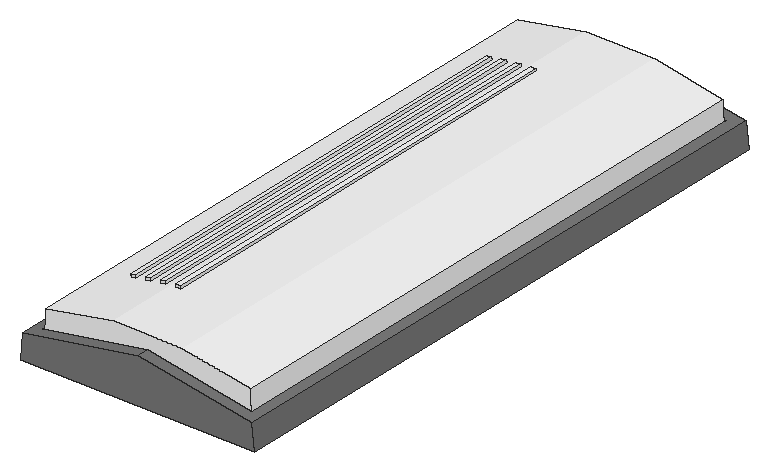
Revit family "JC KONTAKTER JCK110 DE", category Specialty Equipment, host Face, Revit 2025
Family settings
  Host = Face
  Round Connector Dimension = Use Diameter
  Part Type = Normal
  Enable Cutting in Views = Yes
  Cut with Voids When Loaded = No
  Maintain Annotation Orientation = Yes
  Shared = No
  Room Calculation Point = No
Parameters (values of type "JCK203")
  URL = "https://grossflaechentaster.de/produkt/grossflachentaster-kunststoff/grossflachentaster-jck203/"
  Technisches Produktblatt = "https://grossflaechentaster.de/wp-content/uploads/sites/3/Technisches-Produktdatenblatt-_203_DE.pdf"
  Produktgewicht = "0.230 kg."
  Nomineller nennstrom = "12 V - Resistive 6A Inductive L/R 5ms 6A, 24 V - Resistive 6A Inductive L/R 5ms 5A"
  Model = "JCK203"
  Mikroschalter = "Standard NO IP67"
  Manufacturer = "JC kontakter"
  Kern = ABS 750SW (dunkelgrau)
  Herstellungsland = "Schweden"
  Geringster nennstrom = "1mA/4 V DC"
  Description = "Dieser Großflächentaster ist aus schlagfestem ABS-Kunststoff hergestellt. Er hat eine konvexe Tastfläche mit Tastlinien, die angeben, wo der Taster gedrückt werden soll. Dieses Modell bietet durch die weiße Tastfläche und den dunkelgrauen Rahmen einen starken Farbkontrast. Vor allem für den Einsatz in Innenbereichen konzipiert, kann aber auch im Freien eingesetzt werden, da er mit einem feuchtigkeitsgeschützten Mikroschalter der IP-Klasse 67 ausgerüstet ist."
  Default Elevation = 800 mm
  Deckel = ABS 750SW (weiss)
  CE-kennzeichnung = "https://jckontakter.se/wp-content/uploads/CE_Dokument.pdf"
  Anzahl der mikroschalter = 1
Reference planes
  plane 1 "Center (Front/Back)": y = 0
  plane 2: z = 0
  plane 3 "Center (Left/Right)": x = 0
  plane 4 "A": y = -122.5
Lines and regions (mm)
  symbolic lines
    curve 1: line (-50, 0, 50) -> (50, 0, 50)
    curve 2: line (-50, 0, 0) -> (-50, 0, 50)
    curve 3: line (50, 0, 0) -> (-50, 0, 0)
    curve 4: line (50, 0, 50) -> (50, 0, 0)
    curve 5: line (-40, 122.5, 0) -> (40, 122.5, 0)
    curve 6: line (-40, -122.5, 0) -> (-40, 122.5, 0)
    curve 7: line (40, -122.5, 0) -> (-40, -122.5, 0)
    curve 8: line (40, 122.5, 0) -> (40, -122.5, 0)
Text (mm)
  text "Entfernen Sie diesen Text vor der Verwendung.\n\nPlatzierungsanweisungen:\n\n1. In das Projekt laden.\n2. Bewegen Sie den Mauszeiger über die Fläche, auf der die Familie platziert werden soll.\n3. Wenn die Familie gedreht angezeigt wird, aktivieren Sie die Option „Nach Platzierung drehen.\n4. Klicken Sie auf die gewünschte Fläche.\n5. Geben Sie den gewünschten Winkel ein.\n6. Drücken Sie die Eingabetaste." at (123.173, 1072.34, 0), in view "Ref. Level"
Dimensions and locks
  aligned and locked: plane 2 to host face
  aligned and locked: level to host face
Nested families
  nested 1: "AK_203" at (0, -122.5, 0) x (1, 0, 0) z (0, 1, 0), type "AK_203"
Definition of nested family "AK_203"
  Parameters (values of type "AK_203")
    URL = "https://jckontakter.se/produkt/armbagskontakter-plast/armbagskontakt-jck203/"
    Model = "JCK203"  # constant formula
    Manufacturer = "JC Kontakter"  # constant formula
    Lid Finish = none
    Default Elevation = 1219.2 mm
    Core Finish = none
    Description = "JCK203 är en tålig armbågskontakt med konvex tryckplatta och taktila rillor som standard. Rillorna underlättar för synsvaga att veta var de ska trycka för att aktivera armbågskontakten.\r\nModellen har vitt lock och en kontrasterande mörkgrå underdel.\r\nJCK203 levereras med 1st mikrobrytare i IP67, men går även att beställa med fler."  # constant formula
  Reference planes
    plane 1 "Center (Front/Back)": y = 0
    plane 2: z = 0
    plane 3 "Center (Left/Right)": x = 0
    plane 4 "1": x = 47.5
    plane 5 "A": z = 5
    plane 6 "B": z = 245
  Forms (mm)
    Extrusion 1, solid, material <- "Core Finish", detail levels medium+fine
      sketch origin (0, 0, 0) x (1, 0, 0) y (0, 1, 0)
        loop
          line (-47.5, 0) -> (-46.5, -10) -> (0, -18) -> (46.5, -10) -> (47.5, 0) -> (-47.5, 0)
      from 0 to 250
    Extrusion 2, void
      sketch origin (0, 0, 0) x (1, 0, 0) y (0, 1, 0)
        loop
          line (-42.5, -4) -> (-42.5, -18.223) -> (42.5, -18.223) -> (42.5, -4) -> (-42.5, -4)
      from 5 to 245
    Extrusion 3, solid, material <- "Lid Finish", detail levels medium+fine
      sketch origin (0, 0, 5) x (-1, 0, 0) y (0, -1, 0)
        loop
          line (-42, 6) -> (42, 6) -> (41.5, 18.145)
          arc (41.5, 18.145) -> (0, 24) -> (-41.5, 18.145) r 150
          line (-41.5, 18.145) -> (-42, 6)
      from 0.5 to 239.5
    Extrusion 4, solid, material <- "Lid Finish", detail levels medium+fine
      sketch origin (0, 0, 5) x (-1, 0, 0) y (0, -1, 0)
        loop
          line (30.48, 20.761) -> (30.656, 21.746) -> (28.687, 22.097) -> (28.511, 21.112) -> (30.48, 20.761)
        loop
          line (24.5, 21.866) -> (24.634, 22.857) -> (22.652, 23.126) -> (22.518, 22.135) -> (24.5, 21.866)
        loop
          line (18.504, 22.704) -> (18.644, 23.694) -> (16.664, 23.975) -> (16.524, 22.985) -> (18.504, 22.704)
        loop
          line (12.5, 23.393) -> (12.5, 24.393) -> (10.5, 24.393) -> (10.5, 23.393) -> (12.5, 23.393)
      from 30 to 210
  Cuts and joins
    Extrusion 2 cuts Extrusion 1
  Dimensions and locks
    aligned and locked: level to plane 2
